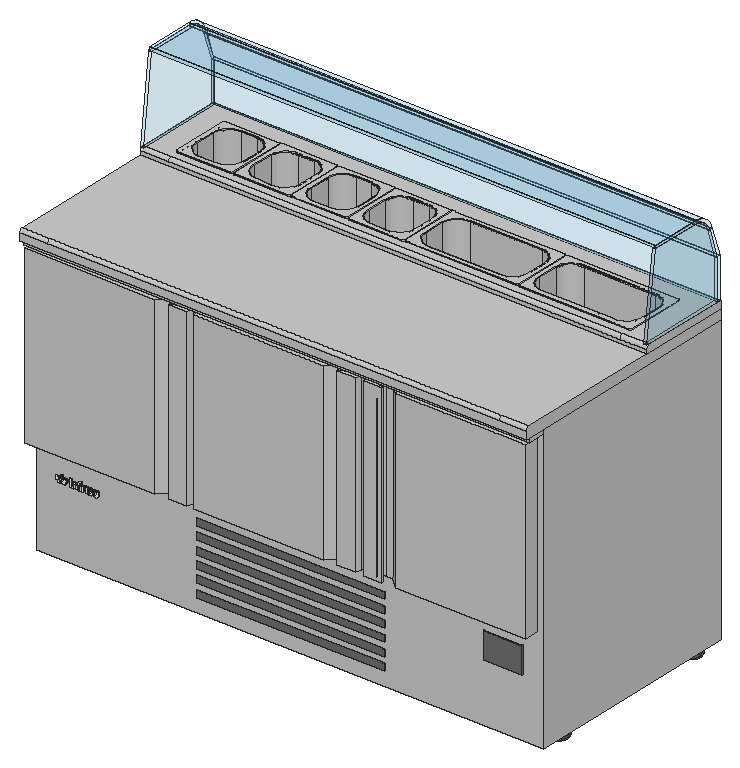
Revit family "QF_INFRICO_ME1003PIZZA_250813100958", category Specialty Equipment, Revit 2021
Family settings
  Round Connector Dimension = Use Diameter
  Part Type = Normal
  OmniClass Number = 23.40.40.14
  OmniClass Title = Food Service Equipment
  Work Plane-Based = No
  Always vertical = Yes
  Cut with Voids When Loaded = No
  Shared = No
  Room Calculation Point = No
Parameters (values of type "ME1003PIZZA-R290")
  Weight [instance] = 194.00 kg
  Waste Water Discharge Temperature [instance] = 0 °C
  Waste Remarks [instance] = ""
  Warranty Start Date [instance] = ""
  Warranty Duration [instance] = ""
  Volts [instance] = 230 V
  Volt Free Conn [instance] = no
  URL Recommended Spares List [instance] = ""
  URL Manufacturer [instance] = ""
  URL Cutsheet [instance] = ""
  URL Critical Spares List [instance] = ""
  URL = "www.infrico.com"
  Technical Documentation [instance] = ""
  Tag Number [instance] = ""
  Status [instance] = ""
  Start Up Current [instance] = 0 A
  Specification by User [instance] = ""
  Specification by Manufacturer [instance] = ""
  Sound Level [instance] = ""
  Show Logo [instance] = yes
  Show Clearances [instance] = yes
  Service Life Duration [instance] = ""
  Serial Number [instance] = ""
  Seismic Rating [instance] = ""
  SMACNA No [instance] = ""
  Revision Code [instance] = ""
  Revision [instance] = ""
  Production Year [instance] = ""
  Potential Equalisation [instance] = no
  Point Load [instance] = 0
  Plumbing Connection Type [instance] = ""
  Phase [instance] = 1
  Other Equipment Approvals [instance] = ""
  Operational Current [instance] = 0 A
  Number of Poles [instance] = 2
  No Load Power Draw [instance] = no
  NAFEM Spec ID Number [instance] = ""
  Model Warning [instance] = ""
  Model = "ME1003PIZZA"
  Min Ckt Ampacity [instance] = 0 A
  Max Overcurrent Protection [instance] = 0 A
  Masterspec [instance] = ""
  Manufacturer = "INFRICO"
  Main switch integrated [instance] = no
  Length Actual [instance] = 1460 mm
  Item Number [instance] = ""
  Installed By [instance] = ""
  Installation Date [instance] = ""
  Indirect Waste Size [instance] = 19.05 mm
  Indirect Waste Remarks [instance] = ""
  Indirect Waste Flow [instance] = 0.0 L/s
  Indirect Waste Connection Type [instance] = ""
  Indirect Waste Connection Height [instance] = 0 mm
  Identify Quantity as Lot [instance] = no
  ID [instance] = ""
  Hygiene Approval [instance] = ""
  Height Actual [instance] = 857 mm
  HP power [instance] = ""
  Furnished By [instance] = ""
  Foodservice Equipment Identifier [instance] = no
  FL Amps [instance] = 0 A
  Electrical Remarks [instance] = ""
  Electric power [instance] = 420 W
  Electric Connection Type [instance] = ""
  Elec Conn RI Height [instance] = 0 mm
  Elec Conn Connection Height [instance] = 0 mm
  ETL Approved [instance] = no
  Direct Waste Water Discharge Temperature [instance] = -273.15 °C
  Direct Waste Size [instance] = 19.05 mm
  Direct Waste RI Height [instance] = 0 mm
  Direct Waste Flow [instance] = 0.0 L/s
  Direct Waste Connection Height [instance] = 0 mm
  Description = "GN1/1 SALAD PREP REFRIGERATOR TABLE 700 SERIES - R290"
  Depth Actual [instance] = 700 mm
  Default Elevation = 0 mm
  Cycle [instance] = 50 Hz
  Cost = 0
  Connection to energy optimisation system [instance] = yes
  Conn Plug [instance] = ""
  Conn Conduit [instance] = no
  Centralized building control system with digital interface [instance] = ""
  CSI MasterFormat [instance] = ""
  CE Approved [instance] = no
  Barcode [instance] = 0
  Author [instance] = ""
  Asset Identifier [instance] = ""
  Apparent Power [instance] = 420 VA
  Accessory [instance] = no
Reference planes
  plane 1 "Center (Front/Back)": y = 0
  plane 2: z = 0
  plane 3 "Center (Left/Right)": x = 0
Forms (mm)
  Extrusion 1, solid, not visible
    sketch origin (487.024, -150.007, 326.016) x (1, 0, 0) y (0, 1, 0)
      loop
        line (-2, 2) -> (-2, -2) -> (2, -2) -> (2, 2) -> (-2, 2)
    from -2 to 2
  Extrusion 2, solid, not visible
    sketch origin (45.002, -152.007, 286.014) x (1, 0, 0) y (0, 1, 0)
      loop
        line (-2, 2) -> (-2, -2) -> (2, -2) -> (2, 2) -> (-2, 2)
    from -2 to 2
Dimensions and locks
  locked: nested 2 to Extrusion 1 at 2  (x2)
  locked: Extrusion 2 to nested 3
  locked: nested 3 to Extrusion 2 at 2
  aligned and locked: level to plane 2
Nested families
  nested 1: "QF_INFRICO_ME1003PIZZA_2920" at (0, 0, 0), type "ME1003PIZZA-R290"
    with Weight 194.00 kg, Warranty Start Date "", Warranty Duration "", URL Cutsheet "", Technical Documentation "", Tag Number "", Status "", Specification by User "", Specification by Manufacturer "", Sound Level "", Solid Fuel Type "", Show Logo yes, Show Clearances yes, Show Clearance yes, Service Life Duration "", Serial Number "", Seismic Rating "", SMACNA No "", Revision Code "", Revision "", Production Year "", Point Load 0, Other Equipment Approvals "", NAFEM Spec ID Number "", Model Warning "", Masterspec "", Length Actual 1460 mm, Item Number "", Installed By "", Installation Date "", Identify Quantity as Lot yes, ID "", Hygiene Approval "", Height Actual 857 mm, Furnished By "", Foodservice Equipment Identifier yes, ETL Approved yes, Depth Actual 700 mm, CSI MasterFormat "", CE Approved no, Barcode "", Author "", Asset Identifier "", Accessory no
  nested 2: "CONN_POINT_DRAIN_2D___Generic_Annotation" at (487.024, -150.007, 324.016), type "CONN_POINT_DRAIN_2D___Generic_Annotation"
    with Onboard connection annotation symbol visibility yes
  nested 3: "CONN_POINT_ELE_2D___Generic_Annotation" at (45.002, -150.007, 286.014), type "CONN_POINT_ELE_2D___Generic_Annotation"
    with Onboard connection annotation symbol visibility yes
  nested 4: "QF_INFRICO_ME_DOOR_SX_4878" at (10, -638, 324), type "ME_DOOR_SX"
    with Weight 0.00 kg, Warranty Start Date "", Warranty Duration "", URL Cutsheet "", Technical Documentation "", Tag Number "", Status "", Specification by User "", Specification by Manufacturer "", Sound Level "", Solid Fuel Type "", Show Logo yes, Show Clearances yes, Show Clearance yes, Service Life Duration "", Serial Number "", Seismic Rating "", SMACNA No "", Revision Code "", Revision "", Production Year "", Point Load 0, Other Equipment Approvals "", NAFEM Spec ID Number "", Model Warning "", Masterspec "", Length Actual 472 mm, Item Number "", Installed By "", Installation Date "", Identify Quantity as Lot yes, ID "", Hygiene Approval "", Height Actual 502 mm, Furnished By "", Foodservice Equipment Identifier yes, ETL Approved yes, Depth Actual 57 mm, CSI MasterFormat "", CE Approved no, Barcode "", Author "", Asset Identifier "", Accessory yes
  nested 5: "QF_INFRICO_ME_DOOR_SX_5656" at (496, -638, 324), type "ME_DOOR_SX"
    with Weight 0.00 kg, Warranty Start Date "", Warranty Duration "", URL Cutsheet "", Technical Documentation "", Tag Number "", Status "", Specification by User "", Specification by Manufacturer "", Sound Level "", Solid Fuel Type "", Show Logo yes, Show Clearances yes, Show Clearance yes, Service Life Duration "", Serial Number "", Seismic Rating "", SMACNA No "", Revision Code "", Revision "", Production Year "", Point Load 0, Other Equipment Approvals "", NAFEM Spec ID Number "", Model Warning "", Masterspec "", Length Actual 472 mm, Item Number "", Installed By "", Installation Date "", Identify Quantity as Lot yes, ID "", Hygiene Approval "", Height Actual 502 mm, Furnished By "", Foodservice Equipment Identifier yes, ETL Approved yes, Depth Actual 57 mm, CSI MasterFormat "", CE Approved no, Barcode "", Author "", Asset Identifier "", Accessory yes
  nested 6: "QF_INFRICO_ME_DOOR_DX_6430" at (982, -638, 324), type "ME_DOOR_DX"
    with Weight 0.00 kg, Warranty Start Date "", Warranty Duration "", URL Cutsheet "", Technical Documentation "", Tag Number "", Status "", Specification by User "", Specification by Manufacturer "", Sound Level "", Solid Fuel Type "", Show Logo yes, Show Clearances yes, Show Clearance yes, Service Life Duration "", Serial Number "", Seismic Rating "", SMACNA No "", Revision Code "", Revision "", Production Year "", Point Load 0, Other Equipment Approvals "", NAFEM Spec ID Number "", Model Warning "", Masterspec "", Length Actual 472 mm, Item Number "", Installed By "", Installation Date "", Identify Quantity as Lot yes, ID "", Hygiene Approval "", Height Actual 502 mm, Furnished By "", Foodservice Equipment Identifier yes, ETL Approved yes, Depth Actual 57 mm, CSI MasterFormat "", CE Approved no, Barcode "", Author "", Asset Identifier "", Accessory yes
Connectors
  piping at (487.024, -150.007, 324.016), diameter 19.05, driven by "Indirect Waste Size", driven by "Direct Waste Flow"
    settings: on Extrusion 1, index 1, connector inside diameter 609.6 mm, connector length 0 mm, flow factor 0, pipe flow 0.0 L/s, pressure drop 0.0 Pa, fitting loss kfactor 0, connector angle 0.00°, fixture units 0, engagement length 0 mm, angle of deflection 0.00°, flow configuration 1, flow direction 2, fitting loss method 0, system type 16, joint type 0, gender type 0, connector reference index -1, connector utility 0, adjustable connector no, is connector primary yes, connector description "Waste connection for ME1003PIZZA"
  electrical at (45.002, -150.007, 286.014), driven by "Apparent Power", driven by "Number of Poles", driven by "Volts"
    settings: on Extrusion 2, index 2, voltage 230 V, apparent load 0 VA, apparent load phase1 420 VA, apparent load phase2 0 VA, apparent load phase3 0 VA, power factor 1, load classification "Other", number of poles 2, system type 31, power factor state 1, is connector primary yes, connector utility no, sub classification motor no, connector description "Electrical connection for ME1003PIZZA"
Definition of nested family "QF_INFRICO_ME1003PIZZA_2920"
  Parameters (values of type "ME1003PIZZA")
    Weight [instance] = 0.00 kg
    Warranty Start Date [instance] = ""
    Warranty Duration [instance] = ""
    URL Cutsheet [instance] = ""
    URL = "www.infrico.com"
    Technical Documentation [instance] = ""
    Tag Number [instance] = ""
    Status [instance] = ""
    Specification by User [instance] = ""
    Specification by Manufacturer [instance] = ""
    Sound Level [instance] = ""
    Solid Fuel Type [instance] = ""
    Show Logo [instance] = yes
    Show Clearances [instance] = yes
    Show Clearance [instance] = yes
    Service Life Duration [instance] = ""
    Serial Number [instance] = ""
    Seismic Rating [instance] = ""
    SMACNA No [instance] = ""
    Revision Code [instance] = ""
    Revision [instance] = ""
    Production Year [instance] = ""
    Point Load [instance] = 0
    Other Equipment Approvals [instance] = ""
    NAFEM Spec ID Number [instance] = ""
    Model Warning [instance] = ""
    Model = "ME1003PIZZA"
    Masterspec [instance] = ""
    Manufacturer = "INFRICO"
    Length Actual [instance] = 0 mm
    Item Number [instance] = ""
    Installed By [instance] = ""
    Installation Date [instance] = ""
    Identify Quantity as Lot [instance] = yes
    ID [instance] = ""
    Hygiene Approval [instance] = ""
    Height Actual [instance] = 0 mm
    Furnished By [instance] = ""
    Foodservice Equipment Identifier [instance] = yes
    ETL Approved [instance] = yes
    Description = "GN1/1 SALAD PREP REFRIGERATOR TABLE 700 SERIES - R134A"
    Depth Actual [instance] = 0 mm
    Default Elevation = 0 mm
    CSI MasterFormat [instance] = ""
    CE Approved [instance] = yes
    Barcode [instance] = ""
    Author [instance] = ""
    Asset Identifier [instance] = ""
    Assembly Code = "E1090320"
    Accessory [instance] = yes
  Types (2, lengths in mm): name | Description
    ME1003PIZZA | "GN1/1 SALAD PREP REFRIGERATOR TABLE 700 SERIES - R134A"
    ME1003PIZZA-R290 | "GN1/1 SALAD PREP REFRIGERATOR TABLE 700 SERIES - R290"
  Reference planes
    plane 1 "Back": y = 0
    plane 2: z = 0
    plane 3 "Left": x = 0
    plane 4 "Right": x = 1460
    plane 5 "Front": y = -700
    plane 6 "Top": z = 844
  Forms (mm)
    Revolve 1, solid
      sketch origin (29, 0.51, 0) x (0, 1, 0) y (0, 0, 1)
        loop
          line (-65.51, 19.01) -> (-65.51, 0) -> (-45.51, 0)
          arc (-45.51, 0) -> (-41.974, 1.464) -> (-40.51, 5) r 5
          line (-40.51, 5) -> (-40.51, 10) -> (-50.51, 10) -> (-50.51, 14.5) -> (-60.51, 14.5) -> (-60.51, 19.01) -> (-65.51, 19.01)
        axis (-65.51, 19.01) -> (-65.51, 0)
      angle from 0 to 360
    Revolve 2, solid
      sketch origin (29, -479.49, 0) x (0, 1, 0) y (0, 0, 1)
        loop
          line (-65.51, 19.01) -> (-65.51, 0) -> (-45.51, 0)
          arc (-45.51, 0) -> (-41.974, 1.464) -> (-40.51, 5) r 5
          line (-40.51, 5) -> (-40.51, 10) -> (-50.51, 10) -> (-50.51, 14.5) -> (-60.51, 14.5) -> (-60.51, 19.01) -> (-65.51, 19.01)
        axis (-65.51, 19.01) -> (-65.51, 0)
      angle from 0 to 360
    Revolve 3, solid
      sketch origin (1431, 0.51, 0) x (0, 1, 0) y (0, 0, 1)
        loop
          line (-65.51, 19.01) -> (-65.51, 0) -> (-45.51, 0)
          arc (-45.51, 0) -> (-41.974, 1.464) -> (-40.51, 5) r 5
          line (-40.51, 5) -> (-40.51, 10) -> (-50.51, 10) -> (-50.51, 14.5) -> (-60.51, 14.5) -> (-60.51, 19.01) -> (-65.51, 19.01)
        axis (-65.51, 19.01) -> (-65.51, 0)
      angle from 0 to 360
    Revolve 4, solid
      sketch origin (1431, -479.49, 0) x (0, 1, 0) y (0, 0, 1)
        loop
          line (-65.51, 19.01) -> (-65.51, 0) -> (-45.51, 0)
          arc (-45.51, 0) -> (-41.974, 1.464) -> (-40.51, 5) r 5
          line (-40.51, 5) -> (-40.51, 10) -> (-50.51, 10) -> (-50.51, 14.5) -> (-60.51, 14.5) -> (-60.51, 19.01) -> (-65.51, 19.01)
        axis (-65.51, 19.01) -> (-65.51, 0)
      angle from 0 to 360
    Extrusion 5, solid
      sketch origin (0, 0, 0) x (0, 1, 0) y (0, 0, 1)
        loop
          line (0, 19.01) -> (0, 49.01) -> (-150, 49.01) -> (-150, 319) -> (0, 319) -> (0, 844) -> (-60.199, 844) -> (-60.199, 739.01) -> (-226.199, 739.01) -> (-226.199, 844) -> (-638, 844) -> (-638, 19.01) -> (0, 19.01)
      from 30 to 1430
    Extrusion 6, solid
      sketch origin (-1759, -636.1, 0) x (1, 0, 0) y (0, 0, 1)
        loop
          line (2220, 263.01) -> (2220, 243.01) -> (2760, 243.01) -> (2760, 263.01) -> (2220, 263.01)
      from 0 to 2
    Extrusion 7, solid
      sketch origin (-1759, -636.1, -37) x (1, 0, 0) y (0, 0, 1)
        loop
          line (2220, 263.01) -> (2220, 243.01) -> (2760, 243.01) -> (2760, 263.01) -> (2220, 263.01)
      from 0 to 2
    Extrusion 8, solid
      sketch origin (-1759, -636.1, -74) x (1, 0, 0) y (0, 0, 1)
        loop
          line (2220, 263.01) -> (2220, 243.01) -> (2760, 243.01) -> (2760, 263.01) -> (2220, 263.01)
      from 0 to 2
    Extrusion 9, solid
      sketch origin (-1759, -636.1, -111) x (1, 0, 0) y (0, 0, 1)
        loop
          line (2220, 263.01) -> (2220, 243.01) -> (2760, 243.01) -> (2760, 263.01) -> (2220, 263.01)
      from 0 to 2
    Extrusion 10, solid
      sketch origin (-1759, -636.1, -148) x (1, 0, 0) y (0, 0, 1)
        loop
          line (2220, 263.01) -> (2220, 243.01) -> (2760, 243.01) -> (2760, 263.01) -> (2220, 263.01)
      from 0 to 2
    Extrusion 11, solid
      sketch origin (-1759, -636.1, -185) x (1, 0, 0) y (0, 0, 1)
        loop
          line (2220, 263.01) -> (2220, 243.01) -> (2760, 243.01) -> (2760, 263.01) -> (2220, 263.01)
      from 0 to 2
    Extrusion 12, solid
      sketch origin (-1518, -638, 0) x (1, 0, 0) y (0, 0, 1)
        loop
          line (2917.81, 187.81) -> (2917.81, 264.21) -> (2806.21, 264.21) -> (2806.21, 187.81) -> (2917.81, 187.81)
      from 0 to 2
    Extrusion 13, solid
      sketch origin (-2000, -1999.98, 0.1) x (0, 1, 0) y (0, 0, 1)
        loop
          line (1312.96, 842.41) -> (1312.96, 829.41) -> (1361.98, 829.41) -> (1361.98, 842.41) -> (1312.96, 842.41)
      from 2002 to 3458
    Extrusion 14, solid
      sketch origin (0, -140, 0) x (1, 0, 0) y (0, 0, 1)
        loop
          circle (45, 286) r 12.7
      from 0 to 10
    Extrusion 15, solid
      sketch origin (0, -140, 0) x (1, 0, 0) y (0, 0, 1)
        loop
          circle (487, 302) r 9.525
      from 0 to 10
    Extrusion 16, solid
      sketch origin (0, 0, 0) x (0, 1, 0) y (0, 0, 1)
        loop
          line (-638, 19.01) -> (0, 19.01) -> (0, 844) -> (-638, 844) -> (-638, 19.01)
      from 0 to 30
    Extrusion 17, solid
      sketch origin (1460, 0, 0) x (0, 1, 0) y (0, 0, -1)
        loop
          line (-638, -19.01) -> (-638, -844) -> (0, -844) -> (0, -19.01) -> (-638, -19.01)
      from 0 to 30
    Extrusion 18, solid, visible <- "Show Logo"
      sketch origin (-1108.443, -638, -480.835) x (1, 0, 0) y (0, 0, 1)
        loop
          line (1208.799, 696.53) -> (1208.799, 719.204) -> (1204.173, 719.204) -> (1204.173, 696.53) -> (1208.799, 696.53)
        loop
          line (1214.779, 713.006) -> (1211.283, 713.006) -> (1211.283, 696.53) -> (1215.772, 696.53) -> (1215.772, 707.832)
          arc (1215.772, 707.832) -> (1217.528, 708.741) -> (1219.417, 709.324) r 11.052
          arc (1219.417, 709.324) -> (1220.929, 708.961) -> (1221.598, 707.557) r 1.806
          line (1221.598, 707.557) -> (1221.598, 696.53) -> (1226.121, 696.53) -> (1226.121, 708.689)
          arc (1226.121, 708.689) -> (1224.637, 712.075) -> (1221.141, 713.281) r 4.607
          arc (1221.141, 713.281) -> (1218.282, 712.674) -> (1215.669, 711.361) r 11.435
          line (1215.669, 711.361) -> (1215.601, 712.184)
          arc (1215.601, 712.184) -> (1215.36, 712.765) -> (1214.779, 713.006) r 0.822
        loop
          line (1238.557, 720.102) -> (1237.306, 720.102)
          arc (1237.306, 720.102) -> (1235.052, 719.926) -> (1232.881, 719.297) r 11.103
          arc (1232.881, 719.297) -> (1230.805, 717.616) -> (1230.024, 715.062) r 4.567
          line (1230.024, 715.062) -> (1230.024, 712.909) -> (1227.351, 712.703) -> (1227.351, 709.374) -> (1230.024, 709.374) -> (1230.024, 696.53) -> (1234.547, 696.53) -> (1234.547, 709.374) -> (1238.249, 709.374) -> (1238.249, 712.938) -> (1234.547, 712.938) -> (1234.547, 714.548)
          arc (1234.547, 714.548) -> (1234.956, 715.705) -> (1236.045, 716.271) r 1.67
          line (1236.045, 716.271) -> (1237.7, 716.399)
          arc (1237.7, 716.399) -> (1238.306, 716.65) -> (1238.557, 717.255) r 0.857
          line (1238.557, 717.255) -> (1238.557, 720.102)
        loop
          line (1239.479, 713.006) -> (1239.479, 696.53) -> (1243.968, 696.53) -> (1243.968, 707.352)
          arc (1243.968, 707.352) -> (1245.873, 708.631) -> (1248.077, 709.268) r 7.435
          line (1248.077, 709.268) -> (1249.241, 709.416)
          arc (1249.241, 709.416) -> (1249.643, 709.758) -> (1249.793, 710.265) r 0.928
          line (1249.793, 710.265) -> (1249.793, 712.458)
          arc (1249.793, 712.458) -> (1249.531, 713.061) -> (1248.912, 713.28) r 0.824
          arc (1248.912, 713.28) -> (1246.197, 712.588) -> (1243.899, 710.984) r 7.833
          line (1243.899, 710.984) -> (1243.726, 713.006) -> (1239.479, 713.006)
        loop
          line (1255.495, 696.53) -> (1255.495, 713.006) -> (1251.006, 713.006) -> (1251.006, 696.53) -> (1255.495, 696.53)
        loop
          arc (1257.421, 701.327) -> (1258.567, 698.188) -> (1261.466, 696.525) r 4.873
          arc (1261.466, 696.525) -> (1264.493, 696.266) -> (1267.521, 696.525) r 17.816
          arc (1267.521, 696.525) -> (1270.575, 699.134) -> (1271.505, 703.041) r 6.481
          line (1271.505, 703.041) -> (1267.187, 703.041) -> (1267.187, 701.67)
          arc (1267.187, 701.67) -> (1266.64, 700.452) -> (1265.442, 699.865) r 1.965
          arc (1265.442, 699.865) -> (1264.547, 699.816) -> (1263.653, 699.865) r 8.196
          arc (1263.653, 699.865) -> (1262.417, 700.415) -> (1261.91, 701.67) r 1.806
          line (1261.91, 701.67) -> (1261.91, 707.9)
          arc (1261.91, 707.9) -> (1262.417, 709.155) -> (1263.653, 709.705) r 1.806
          arc (1263.653, 709.705) -> (1264.547, 709.754) -> (1265.442, 709.705) r 8.196
          arc (1265.442, 709.705) -> (1266.64, 709.118) -> (1267.187, 707.9) r 1.965
          line (1267.187, 707.9) -> (1267.187, 706.838) -> (1271.505, 706.838)
          arc (1271.505, 706.838) -> (1270.524, 710.556) -> (1267.521, 712.959) r 6.132
          arc (1267.521, 712.959) -> (1264.493, 713.294) -> (1261.466, 712.959) r 13.851
          arc (1261.466, 712.959) -> (1258.571, 711.349) -> (1257.421, 708.243) r 4.772
          line (1257.421, 708.243) -> (1257.421, 701.327)
        loop
          arc (1272.916, 701.329) -> (1273.993, 698.345) -> (1276.726, 696.734) r 4.676
          arc (1276.726, 696.734) -> (1278.515, 696.455) -> (1280.318, 696.291) r 28.371
          arc (1280.318, 696.291) -> (1282.122, 696.455) -> (1283.911, 696.734) r 28.371
          arc (1283.911, 696.734) -> (1286.644, 698.345) -> (1287.72, 701.329) r 4.676
          line (1287.72, 701.329) -> (1287.72, 708.242)
          arc (1287.72, 708.242) -> (1286.644, 711.226) -> (1283.911, 712.837) r 4.676
          arc (1283.911, 712.837) -> (1282.122, 713.116) -> (1280.318, 713.28) r 28.371
          arc (1280.318, 713.28) -> (1278.515, 713.116) -> (1276.726, 712.837) r 28.371
          arc (1276.726, 712.837) -> (1273.993, 711.226) -> (1272.916, 708.242) r 4.676
          line (1272.916, 708.242) -> (1272.916, 701.329)
        loop
          line (1277.405, 707.866) -> (1277.405, 701.705)
          arc (1277.405, 701.705) -> (1277.844, 700.556) -> (1278.936, 699.991) r 1.725
          arc (1278.936, 699.991) -> (1279.627, 699.918) -> (1280.318, 699.856) r 46.133
          arc (1280.318, 699.856) -> (1281.01, 699.918) -> (1281.701, 699.991) r 46.133
          arc (1281.701, 699.991) -> (1282.793, 700.556) -> (1283.231, 701.705) r 1.725
          line (1283.231, 701.705) -> (1283.231, 707.866)
          arc (1283.231, 707.866) -> (1282.793, 709.015) -> (1281.701, 709.58) r 1.725
          arc (1281.701, 709.58) -> (1281.01, 709.653) -> (1280.318, 709.716) r 46.133
          arc (1280.318, 709.716) -> (1279.627, 709.653) -> (1278.936, 709.58) r 46.133
          arc (1278.936, 709.58) -> (1277.844, 709.015) -> (1277.405, 707.866) r 1.725
        loop
          arc (1190.339, 696.543) -> (1191.411, 696.987) -> (1191.856, 698.059) r 1.516
          line (1191.856, 698.059) -> (1191.856, 703.891) -> (1196.035, 703.891)
          arc (1196.035, 703.891) -> (1196.79, 704.121) -> (1197.218, 704.782) r 1.147
          line (1197.218, 704.782) -> (1197.218, 706.211)
          arc (1197.218, 706.211) -> (1196.787, 707.258) -> (1195.719, 707.634) r 1.385
          line (1195.719, 707.634) -> (1194.52, 707.634) -> (1197.218, 710.332)
          arc (1197.218, 710.332) -> (1197.605, 711.266) -> (1197.218, 712.2) r 1.321
          line (1197.218, 712.2) -> (1196.495, 712.923)
          arc (1196.495, 712.923) -> (1195.54, 713.338) -> (1194.558, 712.991) r 1.422
          line (1194.558, 712.991) -> (1191.853, 710.286) -> (1191.853, 711.479)
          arc (1191.853, 711.479) -> (1191.443, 712.516) -> (1190.435, 712.992) r 1.516
          line (1190.435, 712.992) -> (1189.514, 712.992)
          arc (1189.514, 712.992) -> (1188.511, 712.514) -> (1188.103, 711.479) r 1.516
          line (1188.103, 711.479) -> (1188.103, 706.83) -> (1182.073, 701.336) -> (1182.073, 707.509) -> (1185.639, 711.075)
          arc (1185.639, 711.075) -> (1186.053, 712.073) -> (1185.639, 713.071) r 1.412
          line (1185.639, 713.071) -> (1184.987, 713.723)
          arc (1184.987, 713.723) -> (1183.939, 714.141) -> (1182.915, 713.667) r 1.428
          line (1182.915, 713.667) -> (1182.073, 712.825) -> (1182.073, 717.784)
          arc (1182.073, 717.784) -> (1181.658, 718.787) -> (1180.655, 719.203) r 1.418
          line (1180.655, 719.203) -> (1179.726, 719.203)
          arc (1179.726, 719.203) -> (1178.723, 718.787) -> (1178.308, 717.784) r 1.418
          line (1178.308, 717.784) -> (1178.308, 712.825) -> (1177.466, 713.667)
          arc (1177.466, 713.667) -> (1176.442, 714.141) -> (1175.394, 713.723) r 1.428
          line (1175.394, 713.723) -> (1174.742, 713.071)
          arc (1174.742, 713.071) -> (1174.328, 712.073) -> (1174.742, 711.075) r 1.412
          line (1174.742, 711.075) -> (1178.308, 707.509) -> (1178.308, 701.336) -> (1172.278, 706.83) -> (1172.278, 711.479)
          arc (1172.278, 711.479) -> (1171.87, 712.514) -> (1170.867, 712.992) r 1.516
          line (1170.867, 712.992) -> (1169.946, 712.992)
          arc (1169.946, 712.992) -> (1168.938, 712.516) -> (1168.528, 711.479) r 1.516
          line (1168.528, 711.479) -> (1168.528, 710.286) -> (1165.823, 712.991)
          arc (1165.823, 712.991) -> (1164.841, 713.338) -> (1163.886, 712.923) r 1.422
          line (1163.886, 712.923) -> (1163.163, 712.2)
          arc (1163.163, 712.2) -> (1162.776, 711.266) -> (1163.163, 710.332) r 1.321
          line (1163.163, 710.332) -> (1165.861, 707.634) -> (1164.662, 707.634)
          arc (1164.662, 707.634) -> (1163.594, 707.258) -> (1163.163, 706.211) r 1.385
          line (1163.163, 706.211) -> (1163.163, 704.782)
          arc (1163.163, 704.782) -> (1163.591, 704.121) -> (1164.346, 703.891) r 1.147
          line (1164.346, 703.891) -> (1168.525, 703.891) -> (1168.525, 698.059)
          arc (1168.525, 698.059) -> (1168.969, 696.987) -> (1170.042, 696.543) r 1.516
          line (1170.042, 696.543) -> (1190.339, 696.543)
      from 0 to 2
    Extrusion 19, solid
      sketch origin (0, -3992.745, 104.6) x (0, 1, 0) y (0, 0, 1)
        loop
          line (3757.968, 1026.23) -> (3727.745, 789.4) -> (3983.745, 789.4) -> (3983.745, 904.633) -> (3956.063, 985.628)
          arc (3956.063, 985.628) -> (3935.49, 1014.966) -> (3901.473, 1026.23) r 57
          line (3901.473, 1026.23) -> (3757.968, 1026.23)
      from 0 to 9
    Extrusion 20, solid
      sketch origin (1451, -1990.849, 104.6) x (0, 1, 0) y (0, 0, 1)
        loop
          line (1981.849, 789.4) -> (1981.849, 904.633) -> (1954.167, 985.628)
          arc (1954.167, 985.628) -> (1933.593, 1014.966) -> (1899.576, 1026.23) r 57
          line (1899.576, 1026.23) -> (1756.072, 1026.23) -> (1725.849, 789.4) -> (1981.849, 789.4)
      from 0 to 9
    Extrusion 21, solid
      sketch origin (0, 9.151, 104.6) x (0, 1, 0) y (0, 0, 1)
        loop
          line (-9.151, 789.4) -> (-9.151, 906.128) -> (-37.265, 988.385)
          arc (-37.265, 988.385) -> (-61.106, 1022.24) -> (-100.424, 1035.23) r 66
          line (-100.424, 1035.23) -> (-242.792, 1035.23) -> (-243.941, 1026.23) -> (-100.424, 1026.23)
          arc (-100.424, 1026.23) -> (-66.407, 1014.966) -> (-45.833, 985.628) r 57
          line (-45.833, 985.628) -> (-18.151, 904.633) -> (-18.151, 789.4) -> (-9.151, 789.4)
      from 0 to 1460
    Sweep 22, solid
      path origin (21.029, 253.592, 999.504) x (1, 0, 0) y (0, 1, 0)
        loop
          line (62.971, -366.791) -> (62.971, -426.791)
          arc (62.971, -426.791) -> (77.03, -460.732) -> (110.971, -474.791) r 48
          line (110.971, -474.791) -> (156.971, -474.791)
          arc (156.971, -474.791) -> (190.912, -460.732) -> (204.971, -426.791) r 48
          line (204.971, -426.791) -> (204.971, -366.791)
          arc (204.971, -366.791) -> (190.912, -332.85) -> (156.971, -318.791) r 48
          line (156.971, -318.791) -> (110.971, -318.791)
          arc (110.971, -318.791) -> (77.03, -332.85) -> (62.971, -366.791) r 48
      profile origin (84, -143.199, 999.504) x (1, 0, 0) y (0, 0, 1)
        loop
          line (12.801, -252.7) -> (12.801, -250.7)
          arc (12.801, -250.7) -> (6.436, -248.064) -> (3.8, -241.699) r 9.001
          line (3.8, -241.699) -> (3.8, -105.504) -> (1.8, -105.504) -> (1.8, -241.699)
          arc (1.8, -241.699) -> (5.022, -249.478) -> (12.801, -252.7) r 11.001
    Extrusion 23, solid
      sketch origin (21.029, 253.592, 746.804) x (1, 0, 0) y (0, 1, 0)
        loop
          line (75.772, -366.791) -> (75.772, -426.791)
          arc (75.772, -426.791) -> (86.081, -451.68) -> (110.971, -461.99) r 35.199
          line (110.971, -461.99) -> (156.971, -461.99)
          arc (156.971, -461.99) -> (181.86, -451.68) -> (192.17, -426.791) r 35.199
          line (192.17, -426.791) -> (192.17, -366.791)
          arc (192.17, -366.791) -> (181.86, -341.901) -> (156.971, -331.592) r 35.199
          line (156.971, -331.592) -> (110.971, -331.592)
          arc (110.971, -331.592) -> (86.081, -341.901) -> (75.772, -366.791) r 35.199
      from 0 to 2
    Extrusion 24, solid
      sketch origin (-1295.941, -3236.444, 894) x (1, 0, 0) y (0, 1, 0)
        loop
          arc (1374.941, 3181.245) -> (1371.405, 3179.781) -> (1369.941, 3176.245) r 5
          line (1369.941, 3176.245) -> (1369.941, 3010.245)
          arc (1369.941, 3010.245) -> (1371.405, 3006.71) -> (1374.941, 3005.245) r 5
          line (1374.941, 3005.245) -> (1526.941, 3005.245)
          arc (1526.941, 3005.245) -> (1530.476, 3006.71) -> (1531.941, 3010.245) r 5
          line (1531.941, 3010.245) -> (1531.941, 3176.245)
          arc (1531.941, 3176.245) -> (1530.476, 3179.781) -> (1526.941, 3181.245) r 5
          line (1526.941, 3181.245) -> (1374.941, 3181.245)
        loop
          arc (1427.941, 3169.445) -> (1395.272, 3155.914) -> (1381.741, 3123.245) r 46.2
          line (1381.741, 3123.245) -> (1381.741, 3063.245)
          arc (1381.741, 3063.245) -> (1395.272, 3030.577) -> (1427.941, 3017.045) r 46.2
          line (1427.941, 3017.045) -> (1473.941, 3017.045)
          arc (1473.941, 3017.045) -> (1506.609, 3030.577) -> (1520.141, 3063.245) r 46.2
          line (1520.141, 3063.245) -> (1520.141, 3123.245)
          arc (1520.141, 3123.245) -> (1506.609, 3155.914) -> (1473.941, 3169.445) r 46.2
          line (1473.941, 3169.445) -> (1427.941, 3169.445)
      from 0 to 2
    Sweep 25, solid
      path origin (681.029, 253.592, 999.504) x (1, 0, 0) y (0, 1, 0)
        loop
          line (62.971, -366.791) -> (62.971, -426.791)
          arc (62.971, -426.791) -> (77.03, -460.732) -> (110.971, -474.791) r 48
          line (110.971, -474.791) -> (317.671, -474.791)
          arc (317.671, -474.791) -> (351.612, -460.732) -> (365.671, -426.791) r 48
          line (365.671, -426.791) -> (365.671, -366.791)
          arc (365.671, -366.791) -> (351.612, -332.85) -> (317.671, -318.791) r 48
          line (317.671, -318.791) -> (110.971, -318.791)
          arc (110.971, -318.791) -> (77.03, -332.85) -> (62.971, -366.791) r 48
      profile origin (744, -143.199, 999.504) x (1, 0, 0) y (0, 0, 1)
        loop
          line (12.801, -252.7) -> (12.801, -250.7)
          arc (12.801, -250.7) -> (6.436, -248.064) -> (3.8, -241.699) r 9.001
          line (3.8, -241.699) -> (3.8, -105.504) -> (1.8, -105.504) -> (1.8, -241.699)
          arc (1.8, -241.699) -> (5.022, -249.478) -> (12.801, -252.7) r 11.001
    Extrusion 26, solid
      sketch origin (681.029, 253.592, 746.804) x (1, 0, 0) y (0, 1, 0)
        loop
          line (75.772, -366.791) -> (75.772, -426.791)
          arc (75.772, -426.791) -> (86.081, -451.68) -> (110.971, -461.99) r 35.199
          line (110.971, -461.99) -> (317.671, -461.99)
          arc (317.671, -461.99) -> (342.56, -451.68) -> (352.87, -426.791) r 35.199
          line (352.87, -426.791) -> (352.87, -366.791)
          arc (352.87, -366.791) -> (342.56, -341.901) -> (317.671, -331.592) r 35.199
          line (317.671, -331.592) -> (110.971, -331.592)
          arc (110.971, -331.592) -> (86.081, -341.901) -> (75.772, -366.791) r 35.199
      from 0 to 2
    Extrusion 27, solid
      sketch origin (-635.941, -3236.444, 894) x (1, 0, 0) y (0, 1, 0)
        loop
          arc (1374.941, 3181.245) -> (1371.405, 3179.781) -> (1369.941, 3176.245) r 5
          line (1369.941, 3176.245) -> (1369.941, 3010.245)
          arc (1369.941, 3010.245) -> (1371.405, 3006.71) -> (1374.941, 3005.245) r 5
          line (1374.941, 3005.245) -> (1689.441, 3005.245)
          arc (1689.441, 3005.245) -> (1692.976, 3006.71) -> (1694.441, 3010.245) r 5
          line (1694.441, 3010.245) -> (1694.441, 3176.245)
          arc (1694.441, 3176.245) -> (1692.976, 3179.781) -> (1689.441, 3181.245) r 5
          line (1689.441, 3181.245) -> (1374.941, 3181.245)
        loop
          arc (1427.941, 3169.445) -> (1395.272, 3155.914) -> (1381.741, 3123.245) r 46.2
          line (1381.741, 3123.245) -> (1381.741, 3063.245)
          arc (1381.741, 3063.245) -> (1395.272, 3030.577) -> (1427.941, 3017.045) r 46.2
          line (1427.941, 3017.045) -> (1634.641, 3017.045)
          arc (1634.641, 3017.045) -> (1667.309, 3030.577) -> (1680.841, 3063.245) r 46.2
          line (1680.841, 3063.245) -> (1680.841, 3123.245)
          arc (1680.841, 3123.245) -> (1667.309, 3155.914) -> (1634.641, 3169.445) r 46.2
          line (1634.641, 3169.445) -> (1427.941, 3169.445)
      from 0 to 2
    Extrusion 28, solid
      sketch origin (0, -2000, 0) x (0, 1, 0) y (0, 0, 1)
        loop
          line (1300, 844) -> (1773.801, 844) -> (1773.801, 874) -> (1310, 874)
          arc (1310, 874) -> (1302.929, 871.071) -> (1300, 864) r 10
          line (1300, 864) -> (1300, 844)
        loop
          line (2000, 844) -> (2000, 874) -> (1939.801, 874) -> (1939.801, 844) -> (2000, 844)
      from 81.2 to 1382.7
    Sweep 29, solid
      path origin (186.029, 253.592, 999.504) x (1, 0, 0) y (0, 1, 0)
        loop
          line (62.971, -366.791) -> (62.971, -426.791)
          arc (62.971, -426.791) -> (77.03, -460.732) -> (110.971, -474.791) r 48
          line (110.971, -474.791) -> (156.971, -474.791)
          arc (156.971, -474.791) -> (190.912, -460.732) -> (204.971, -426.791) r 48
          line (204.971, -426.791) -> (204.971, -366.791)
          arc (204.971, -366.791) -> (190.912, -332.85) -> (156.971, -318.791) r 48
          line (156.971, -318.791) -> (110.971, -318.791)
          arc (110.971, -318.791) -> (77.03, -332.85) -> (62.971, -366.791) r 48
      profile origin (249, -143.199, 999.504) x (1, 0, 0) y (0, 0, 1)
        loop
          line (12.801, -252.7) -> (12.801, -250.7)
          arc (12.801, -250.7) -> (6.436, -248.064) -> (3.8, -241.699) r 9.001
          line (3.8, -241.699) -> (3.8, -105.504) -> (1.8, -105.504) -> (1.8, -241.699)
          arc (1.8, -241.699) -> (5.022, -249.478) -> (12.801, -252.7) r 11.001
    Extrusion 30, solid
      sketch origin (186.029, 253.592, 746.804) x (1, 0, 0) y (0, 1, 0)
        loop
          line (75.772, -366.791) -> (75.772, -426.791)
          arc (75.772, -426.791) -> (86.081, -451.68) -> (110.971, -461.99) r 35.199
          line (110.971, -461.99) -> (156.971, -461.99)
          arc (156.971, -461.99) -> (181.86, -451.68) -> (192.17, -426.791) r 35.199
          line (192.17, -426.791) -> (192.17, -366.791)
          arc (192.17, -366.791) -> (181.86, -341.901) -> (156.971, -331.592) r 35.199
          line (156.971, -331.592) -> (110.971, -331.592)
          arc (110.971, -331.592) -> (86.081, -341.901) -> (75.772, -366.791) r 35.199
      from 0 to 2
    Extrusion 31, solid
      sketch origin (-1130.941, -3236.444, 894) x (1, 0, 0) y (0, 1, 0)
        loop
          arc (1374.941, 3181.245) -> (1371.405, 3179.781) -> (1369.941, 3176.245) r 5
          line (1369.941, 3176.245) -> (1369.941, 3010.245)
          arc (1369.941, 3010.245) -> (1371.405, 3006.71) -> (1374.941, 3005.245) r 5
          line (1374.941, 3005.245) -> (1526.941, 3005.245)
          arc (1526.941, 3005.245) -> (1530.476, 3006.71) -> (1531.941, 3010.245) r 5
          line (1531.941, 3010.245) -> (1531.941, 3176.245)
          arc (1531.941, 3176.245) -> (1530.476, 3179.781) -> (1526.941, 3181.245) r 5
          line (1526.941, 3181.245) -> (1374.941, 3181.245)
        loop
          arc (1427.941, 3169.445) -> (1395.272, 3155.914) -> (1381.741, 3123.245) r 46.2
          line (1381.741, 3123.245) -> (1381.741, 3063.245)
          arc (1381.741, 3063.245) -> (1395.272, 3030.577) -> (1427.941, 3017.045) r 46.2
          line (1427.941, 3017.045) -> (1473.941, 3017.045)
          arc (1473.941, 3017.045) -> (1506.609, 3030.577) -> (1520.141, 3063.245) r 46.2
          line (1520.141, 3063.245) -> (1520.141, 3123.245)
          arc (1520.141, 3123.245) -> (1506.609, 3155.914) -> (1473.941, 3169.445) r 46.2
          line (1473.941, 3169.445) -> (1427.941, 3169.445)
      from 0 to 2
    Sweep 32, solid
      path origin (351.029, 253.592, 999.504) x (1, 0, 0) y (0, 1, 0)
        loop
          line (62.971, -366.791) -> (62.971, -426.791)
          arc (62.971, -426.791) -> (77.03, -460.732) -> (110.971, -474.791) r 48
          line (110.971, -474.791) -> (156.971, -474.791)
          arc (156.971, -474.791) -> (190.912, -460.732) -> (204.971, -426.791) r 48
          line (204.971, -426.791) -> (204.971, -366.791)
          arc (204.971, -366.791) -> (190.912, -332.85) -> (156.971, -318.791) r 48
          line (156.971, -318.791) -> (110.971, -318.791)
          arc (110.971, -318.791) -> (77.03, -332.85) -> (62.971, -366.791) r 48
      profile origin (414, -143.199, 999.504) x (1, 0, 0) y (0, 0, 1)
        loop
          line (12.801, -252.7) -> (12.801, -250.7)
          arc (12.801, -250.7) -> (6.436, -248.064) -> (3.8, -241.699) r 9.001
          line (3.8, -241.699) -> (3.8, -105.504) -> (1.8, -105.504) -> (1.8, -241.699)
          arc (1.8, -241.699) -> (5.022, -249.478) -> (12.801, -252.7) r 11.001
    Extrusion 33, solid
      sketch origin (351.029, 253.592, 746.804) x (1, 0, 0) y (0, 1, 0)
        loop
          line (75.772, -366.791) -> (75.772, -426.791)
          arc (75.772, -426.791) -> (86.081, -451.68) -> (110.971, -461.99) r 35.199
          line (110.971, -461.99) -> (156.971, -461.99)
          arc (156.971, -461.99) -> (181.86, -451.68) -> (192.17, -426.791) r 35.199
          line (192.17, -426.791) -> (192.17, -366.791)
          arc (192.17, -366.791) -> (181.86, -341.901) -> (156.971, -331.592) r 35.199
          line (156.971, -331.592) -> (110.971, -331.592)
          arc (110.971, -331.592) -> (86.081, -341.901) -> (75.772, -366.791) r 35.199
      from 0 to 2
    Extrusion 34, solid
      sketch origin (-965.941, -3236.444, 894) x (1, 0, 0) y (0, 1, 0)
        loop
          arc (1374.941, 3181.245) -> (1371.405, 3179.781) -> (1369.941, 3176.245) r 5
          line (1369.941, 3176.245) -> (1369.941, 3010.245)
          arc (1369.941, 3010.245) -> (1371.405, 3006.71) -> (1374.941, 3005.245) r 5
          line (1374.941, 3005.245) -> (1526.941, 3005.245)
          arc (1526.941, 3005.245) -> (1530.476, 3006.71) -> (1531.941, 3010.245) r 5
          line (1531.941, 3010.245) -> (1531.941, 3176.245)
          arc (1531.941, 3176.245) -> (1530.476, 3179.781) -> (1526.941, 3181.245) r 5
          line (1526.941, 3181.245) -> (1374.941, 3181.245)
        loop
          arc (1427.941, 3169.445) -> (1395.272, 3155.914) -> (1381.741, 3123.245) r 46.2
          line (1381.741, 3123.245) -> (1381.741, 3063.245)
          arc (1381.741, 3063.245) -> (1395.272, 3030.577) -> (1427.941, 3017.045) r 46.2
          line (1427.941, 3017.045) -> (1473.941, 3017.045)
          arc (1473.941, 3017.045) -> (1506.609, 3030.577) -> (1520.141, 3063.245) r 46.2
          line (1520.141, 3063.245) -> (1520.141, 3123.245)
          arc (1520.141, 3123.245) -> (1506.609, 3155.914) -> (1473.941, 3169.445) r 46.2
          line (1473.941, 3169.445) -> (1427.941, 3169.445)
      from 0 to 2
    Extrusion 35, solid
      sketch origin (0, 0, 0) x (0, 1, 0) y (0, 0, 1)
        loop
          line (0, 874) -> (0, 894) -> (-60.199, 894) -> (-60.199, 874) -> (0, 874)
        loop
          line (-265, 874) -> (-226.199, 874) -> (-226.199, 894) -> (-255, 894)
          arc (-255, 894) -> (-262.071, 891.071) -> (-265, 884) r 10
          line (-265, 884) -> (-265, 874)
      from 81.2 to 1382.7
    Extrusion 36, solid
      sketch origin (0, 0, 0) x (0, 1, 0) y (0, 0, 1)
        loop
          arc (-255, 894) -> (-262.071, 891.071) -> (-265, 884) r 10
          line (-265, 884) -> (-265, 874) -> (0, 874) -> (0, 894) -> (-255, 894)
      from 0 to 81.2
    Extrusion 37, solid
      sketch origin (1378.8, 0, 0) x (0, 1, 0) y (0, 0, 1)
        loop
          arc (-255, 894) -> (-262.071, 891.071) -> (-265, 884) r 10
          line (-265, 884) -> (-265, 874) -> (0, 874) -> (0, 894) -> (-255, 894)
      from 3.9 to 81.2
    Extrusion 38, solid
      sketch origin (0, 0, 0) x (0, 1, 0) y (0, 0, 1)
        loop
          line (0, 844) -> (0, 874) -> (-690, 874)
          arc (-690, 874) -> (-697.071, 871.071) -> (-700, 864) r 10
          line (-700, 864) -> (-700, 844) -> (0, 844)
      from 0 to 81.2
    Extrusion 39, solid
      sketch origin (1378.8, 0, 0) x (0, 1, 0) y (0, 0, 1)
        loop
          line (0, 844) -> (0, 874) -> (-690, 874)
          arc (-690, 874) -> (-697.071, 871.071) -> (-700, 864) r 10
          line (-700, 864) -> (-700, 844) -> (0, 844)
      from 3.9 to 81.2
    Sweep 40, solid
      path origin (516.029, 253.592, 999.504) x (1, 0, 0) y (0, 1, 0)
        loop
          line (62.971, -366.791) -> (62.971, -426.791)
          arc (62.971, -426.791) -> (77.03, -460.732) -> (110.971, -474.791) r 48
          line (110.971, -474.791) -> (156.971, -474.791)
          arc (156.971, -474.791) -> (190.912, -460.732) -> (204.971, -426.791) r 48
          line (204.971, -426.791) -> (204.971, -366.791)
          arc (204.971, -366.791) -> (190.912, -332.85) -> (156.971, -318.791) r 48
          line (156.971, -318.791) -> (110.971, -318.791)
          arc (110.971, -318.791) -> (77.03, -332.85) -> (62.971, -366.791) r 48
      profile origin (579, -143.199, 999.504) x (1, 0, 0) y (0, 0, 1)
        loop
          line (12.801, -252.7) -> (12.801, -250.7)
          arc (12.801, -250.7) -> (6.436, -248.064) -> (3.8, -241.699) r 9.001
          line (3.8, -241.699) -> (3.8, -105.504) -> (1.8, -105.504) -> (1.8, -241.699)
          arc (1.8, -241.699) -> (5.022, -249.478) -> (12.801, -252.7) r 11.001
    Extrusion 41, solid
      sketch origin (516.029, 253.592, 746.804) x (1, 0, 0) y (0, 1, 0)
        loop
          line (75.772, -366.791) -> (75.772, -426.791)
          arc (75.772, -426.791) -> (86.081, -451.68) -> (110.971, -461.99) r 35.199
          line (110.971, -461.99) -> (156.971, -461.99)
          arc (156.971, -461.99) -> (181.86, -451.68) -> (192.17, -426.791) r 35.199
          line (192.17, -426.791) -> (192.17, -366.791)
          arc (192.17, -366.791) -> (181.86, -341.901) -> (156.971, -331.592) r 35.199
          line (156.971, -331.592) -> (110.971, -331.592)
          arc (110.971, -331.592) -> (86.081, -341.901) -> (75.772, -366.791) r 35.199
      from 0 to 2
    Extrusion 42, solid
      sketch origin (-800.941, -3236.444, 894) x (1, 0, 0) y (0, 1, 0)
        loop
          arc (1374.941, 3181.245) -> (1371.405, 3179.781) -> (1369.941, 3176.245) r 5
          line (1369.941, 3176.245) -> (1369.941, 3010.245)
          arc (1369.941, 3010.245) -> (1371.405, 3006.71) -> (1374.941, 3005.245) r 5
          line (1374.941, 3005.245) -> (1526.941, 3005.245)
          arc (1526.941, 3005.245) -> (1530.476, 3006.71) -> (1531.941, 3010.245) r 5
          line (1531.941, 3010.245) -> (1531.941, 3176.245)
          arc (1531.941, 3176.245) -> (1530.476, 3179.781) -> (1526.941, 3181.245) r 5
          line (1526.941, 3181.245) -> (1374.941, 3181.245)
        loop
          arc (1427.941, 3169.445) -> (1395.272, 3155.914) -> (1381.741, 3123.245) r 46.2
          line (1381.741, 3123.245) -> (1381.741, 3063.245)
          arc (1381.741, 3063.245) -> (1395.272, 3030.577) -> (1427.941, 3017.045) r 46.2
          line (1427.941, 3017.045) -> (1473.941, 3017.045)
          arc (1473.941, 3017.045) -> (1506.609, 3030.577) -> (1520.141, 3063.245) r 46.2
          line (1520.141, 3063.245) -> (1520.141, 3123.245)
          arc (1520.141, 3123.245) -> (1506.609, 3155.914) -> (1473.941, 3169.445) r 46.2
          line (1473.941, 3169.445) -> (1427.941, 3169.445)
      from 0 to 2
    Sweep 43, solid
      path origin (1008.529, 253.592, 999.504) x (1, 0, 0) y (0, 1, 0)
        loop
          line (62.971, -366.791) -> (62.971, -426.791)
          arc (62.971, -426.791) -> (77.03, -460.732) -> (110.971, -474.791) r 48
          line (110.971, -474.791) -> (317.671, -474.791)
          arc (317.671, -474.791) -> (351.612, -460.732) -> (365.671, -426.791) r 48
          line (365.671, -426.791) -> (365.671, -366.791)
          arc (365.671, -366.791) -> (351.612, -332.85) -> (317.671, -318.791) r 48
          line (317.671, -318.791) -> (110.971, -318.791)
          arc (110.971, -318.791) -> (77.03, -332.85) -> (62.971, -366.791) r 48
      profile origin (1071.5, -143.199, 999.504) x (1, 0, 0) y (0, 0, 1)
        loop
          line (12.801, -252.7) -> (12.801, -250.7)
          arc (12.801, -250.7) -> (6.436, -248.064) -> (3.8, -241.699) r 9.001
          line (3.8, -241.699) -> (3.8, -105.504) -> (1.8, -105.504) -> (1.8, -241.699)
          arc (1.8, -241.699) -> (5.022, -249.478) -> (12.801, -252.7) r 11.001
    Extrusion 44, solid
      sketch origin (1008.529, 253.592, 746.804) x (1, 0, 0) y (0, 1, 0)
        loop
          line (75.772, -366.791) -> (75.772, -426.791)
          arc (75.772, -426.791) -> (86.081, -451.68) -> (110.971, -461.99) r 35.199
          line (110.971, -461.99) -> (317.671, -461.99)
          arc (317.671, -461.99) -> (342.56, -451.68) -> (352.87, -426.791) r 35.199
          line (352.87, -426.791) -> (352.87, -366.791)
          arc (352.87, -366.791) -> (342.56, -341.901) -> (317.671, -331.592) r 35.199
          line (317.671, -331.592) -> (110.971, -331.592)
          arc (110.971, -331.592) -> (86.081, -341.901) -> (75.772, -366.791) r 35.199
      from 0 to 2
    Extrusion 45, solid
      sketch origin (-308.441, -3236.444, 894) x (1, 0, 0) y (0, 1, 0)
        loop
          arc (1374.941, 3181.245) -> (1371.405, 3179.781) -> (1369.941, 3176.245) r 5
          line (1369.941, 3176.245) -> (1369.941, 3010.245)
          arc (1369.941, 3010.245) -> (1371.405, 3006.71) -> (1374.941, 3005.245) r 5
          line (1374.941, 3005.245) -> (1689.441, 3005.245)
          arc (1689.441, 3005.245) -> (1692.976, 3006.71) -> (1694.441, 3010.245) r 5
          line (1694.441, 3010.245) -> (1694.441, 3176.245)
          arc (1694.441, 3176.245) -> (1692.976, 3179.781) -> (1689.441, 3181.245) r 5
          line (1689.441, 3181.245) -> (1374.941, 3181.245)
        loop
          arc (1427.941, 3169.445) -> (1395.272, 3155.914) -> (1381.741, 3123.245) r 46.2
          line (1381.741, 3123.245) -> (1381.741, 3063.245)
          arc (1381.741, 3063.245) -> (1395.272, 3030.577) -> (1427.941, 3017.045) r 46.2
          line (1427.941, 3017.045) -> (1634.641, 3017.045)
          arc (1634.641, 3017.045) -> (1667.309, 3030.577) -> (1680.841, 3063.245) r 46.2
          line (1680.841, 3063.245) -> (1680.841, 3123.245)
          arc (1680.841, 3123.245) -> (1667.309, 3155.914) -> (1634.641, 3169.445) r 46.2
          line (1634.641, 3169.445) -> (1427.941, 3169.445)
      from 0 to 2
  Cuts and joins
    joined: Extrusion 5, Extrusion 16, Extrusion 17
    joined: Extrusion 35, Extrusion 36, Extrusion 37
    joined: Extrusion 28, Extrusion 38, Extrusion 39
  Lines and regions (mm)
    symbolic lines
      curve 1: line (0, -700, 0) -> (1460, -700, 0)
      curve 2: line (1460, -700, 0) -> (1460, 0, 0)
      curve 3: line (1460, 0, 0) -> (0, 0, 0)
      curve 4: line (0, 0, 0) -> (0, -700, 0)
      curve 5: line (0, -28.113, 0) -> (1460, -28.113, 0)
      curve 6: line (1460, -234.789, 0) -> (0, -234.789, 0)
  Dimensions and locks
    plane 1 "Back" to plane 5 "Front" = 700 mm  (x2)
    plane 6 "Top" to level = 844 mm  (x2)
    plane 4 "Right" to plane 3 "Left" = 1460 mm
    plane 3 "Left" to plane 4 "Right" = 1460 mm
    aligned and locked: level to plane 2
  Connectors
    electrical at (45, -140, 286)
      settings: on Extrusion 14, index 1, voltage 0 V, apparent load 0 VA, apparent load phase1 0 VA, apparent load phase2 0 VA, apparent load phase3 0 VA, power factor 1, load classification none, number of poles 1, system type 31, power factor state 1, is connector primary yes, connector utility no, sub classification motor no, connector description "Electrical connection"
    piping at (487, -140, 302), diameter 19.1
      settings: on Extrusion 15, index 2, connector inside diameter 609.6 mm, connector length 0 mm, flow factor 0, pipe flow 0.0 L/s, pressure drop 0.0 Pa, fitting loss kfactor 0, connector angle 0.00°, fixture units 0, engagement length 0 mm, angle of deflection 0.00°, flow configuration 1, flow direction 1, fitting loss method 0, system type 16, joint type 0, gender type 0, connector reference index -1, connector utility 0, adjustable connector no, is connector primary yes, connector description "Drain connection"
Definition of nested family "QF_INFRICO_ME_DOOR_SX_4878"
  Parameters (values of type "ME_DOOR_SX")
    Weight [instance] = 0.00 kg
    Warranty Start Date [instance] = ""
    Warranty Duration [instance] = ""
    URL Cutsheet [instance] = ""
    URL = "www.infrico.com"
    Technical Documentation [instance] = ""
    Tag Number [instance] = ""
    Status [instance] = ""
    Specification by User [instance] = ""
    Specification by Manufacturer [instance] = ""
    Sound Level [instance] = ""
    Solid Fuel Type [instance] = ""
    Show Logo [instance] = yes
    Show Clearances [instance] = yes
    Show Clearance [instance] = yes
    Service Life Duration [instance] = ""
    Serial Number [instance] = ""
    Seismic Rating [instance] = ""
    SMACNA No [instance] = ""
    Revision Code [instance] = ""
    Revision [instance] = ""
    Production Year [instance] = ""
    Point Load [instance] = 0
    Other Equipment Approvals [instance] = ""
    NAFEM Spec ID Number [instance] = ""
    Model Warning [instance] = ""
    Model = "ME_DOOR_SX"
    Masterspec [instance] = ""
    Manufacturer = "INFRICO"
    Length Actual [instance] = 0 mm
    Item Number [instance] = ""
    Installed By [instance] = ""
    Installation Date [instance] = ""
    Identify Quantity as Lot [instance] = yes
    ID [instance] = ""
    Hygiene Approval [instance] = ""
    Height Actual [instance] = 0 mm
    Furnished By [instance] = ""
    Foodservice Equipment Identifier [instance] = yes
    ETL Approved [instance] = yes
    Description = "LEFT DOOR"
    Depth Actual [instance] = 0 mm
    Default Elevation = 0 mm
    CSI MasterFormat [instance] = ""
    CE Approved [instance] = yes
    Barcode [instance] = ""
    Author [instance] = ""
    Asset Identifier [instance] = ""
    Assembly Code = "E1090320"
    Accessory [instance] = yes
  Reference planes
    plane 1 "Back": y = 0
    plane 2: z = 0
    plane 3 "Left": x = 0
    plane 4 "Right": x = 472
    plane 5 "Front": y = -57
    plane 6 "Top": z = 502
  Forms (mm)
    Extrusion 1, solid
      sketch origin (2981.326, 637.02, -168.61) x (-1, 0, 0) y (0, -1, 0)
        loop
          line (2605.426, 694.02) -> (2575.356, 663.95) -> (2552.604, 663.95) -> (2541.663, 666.881)
          arc (2541.663, 666.881) -> (2540.582, 667.631) -> (2540.222, 668.896) r 1.95
          line (2540.222, 668.896) -> (2540.566, 678.741)
          arc (2540.566, 678.741) -> (2540.774, 679.563) -> (2541.304, 680.224) r 2.001
          line (2541.304, 680.224) -> (2566.566, 690.947) -> (2566.566, 694.02) -> (2514.259, 694.02) -> (2509.326, 675.612) -> (2509.326, 654.02) -> (2981.326, 654.02) -> (2981.326, 694.02) -> (2605.426, 694.02)
      from 168.61 to 670.61
    Extrusion 2, solid
      sketch origin (0, 0, 0) x (1, 0, 0) y (0, 0, 1)
        loop
          line (457, 487) -> (15, 487) -> (15, 15) -> (457, 15) -> (457, 487)
        loop
          line (45, 457) -> (45, 45) -> (427, 45) -> (427, 457) -> (45, 457)
      from 0 to 17
    Extrusion 3, solid, detail levels coarse
      sketch origin (0, 0, 0) x (1, 0, 0) y (0, 1, 0)
        loop
          line (472, -57) -> (0, -57) -> (0, -472) -> (57, -472)
          arc (57, -472) -> (350.449, -350.449) -> (472, -57) r 415
      from 0 to 502
  Lines and regions (mm)
    symbolic lines
      curve 1: line (0, -62, 0) -> (0, -472, 0)
      curve 2: line (0, -472, 0) -> (57, -472, 0)
      curve 3: arc (57, -472, 0) -> (348.676, -352.212, 0) -> (471.97, -62, 0) r 415
  Dimensions and locks
    plane 4 "Right" to plane 3 "Left" = 472 mm
    plane 6 "Top" to level = 502 mm  (x2)
    plane 1 "Back" to plane 5 "Front" = 57 mm  (x2)
    plane 3 "Left" to plane 4 "Right" = 472 mm
    aligned and locked: level to plane 2
Definition of nested family "QF_INFRICO_ME_DOOR_SX_5656"
  Parameters (values of type "ME_DOOR_SX")
    Weight [instance] = 0.00 kg
    Warranty Start Date [instance] = ""
    Warranty Duration [instance] = ""
    URL Cutsheet [instance] = ""
    URL = "www.infrico.com"
    Technical Documentation [instance] = ""
    Tag Number [instance] = ""
    Status [instance] = ""
    Specification by User [instance] = ""
    Specification by Manufacturer [instance] = ""
    Sound Level [instance] = ""
    Solid Fuel Type [instance] = ""
    Show Logo [instance] = yes
    Show Clearances [instance] = yes
    Show Clearance [instance] = yes
    Service Life Duration [instance] = ""
    Serial Number [instance] = ""
    Seismic Rating [instance] = ""
    SMACNA No [instance] = ""
    Revision Code [instance] = ""
    Revision [instance] = ""
    Production Year [instance] = ""
    Point Load [instance] = 0
    Other Equipment Approvals [instance] = ""
    NAFEM Spec ID Number [instance] = ""
    Model Warning [instance] = ""
    Model = "ME_DOOR_SX"
    Masterspec [instance] = ""
    Manufacturer = "INFRICO"
    Length Actual [instance] = 0 mm
    Item Number [instance] = ""
    Installed By [instance] = ""
    Installation Date [instance] = ""
    Identify Quantity as Lot [instance] = yes
    ID [instance] = ""
    Hygiene Approval [instance] = ""
    Height Actual [instance] = 0 mm
    Furnished By [instance] = ""
    Foodservice Equipment Identifier [instance] = yes
    ETL Approved [instance] = yes
    Description = "LEFT DOOR"
    Depth Actual [instance] = 0 mm
    Default Elevation = 0 mm
    CSI MasterFormat [instance] = ""
    CE Approved [instance] = yes
    Barcode [instance] = ""
    Author [instance] = ""
    Asset Identifier [instance] = ""
    Assembly Code = "E1090320"
    Accessory [instance] = yes
  Reference planes
    plane 1 "Back": y = 0
    plane 2: z = 0
    plane 3 "Left": x = 0
    plane 4 "Right": x = 472
    plane 5 "Front": y = -57
    plane 6 "Top": z = 502
  Forms (mm)
    Extrusion 1, solid
      sketch origin (2981.326, 637.02, -168.61) x (-1, 0, 0) y (0, -1, 0)
        loop
          line (2605.426, 694.02) -> (2575.356, 663.95) -> (2552.604, 663.95) -> (2541.663, 666.881)
          arc (2541.663, 666.881) -> (2540.582, 667.631) -> (2540.222, 668.896) r 1.95
          line (2540.222, 668.896) -> (2540.566, 678.741)
          arc (2540.566, 678.741) -> (2540.774, 679.563) -> (2541.304, 680.224) r 2.001
          line (2541.304, 680.224) -> (2566.566, 690.947) -> (2566.566, 694.02) -> (2514.259, 694.02) -> (2509.326, 675.612) -> (2509.326, 654.02) -> (2981.326, 654.02) -> (2981.326, 694.02) -> (2605.426, 694.02)
      from 168.61 to 670.61
    Extrusion 2, solid
      sketch origin (0, 0, 0) x (1, 0, 0) y (0, 0, 1)
        loop
          line (457, 487) -> (15, 487) -> (15, 15) -> (457, 15) -> (457, 487)
        loop
          line (45, 457) -> (45, 45) -> (427, 45) -> (427, 457) -> (45, 457)
      from 0 to 17
    Extrusion 3, solid, detail levels coarse
      sketch origin (0, 0, 0) x (1, 0, 0) y (0, 1, 0)
        loop
          line (472, -57) -> (0, -57) -> (0, -472) -> (57, -472)
          arc (57, -472) -> (350.449, -350.449) -> (472, -57) r 415
      from 0 to 502
  Lines and regions (mm)
    symbolic lines
      curve 1: line (0, -62, 0) -> (0, -472, 0)
      curve 2: line (0, -472, 0) -> (57, -472, 0)
      curve 3: arc (57, -472, 0) -> (348.676, -352.212, 0) -> (471.97, -62, 0) r 415
  Dimensions and locks
    plane 4 "Right" to plane 3 "Left" = 472 mm
    plane 6 "Top" to level = 502 mm  (x2)
    plane 1 "Back" to plane 5 "Front" = 57 mm  (x2)
    plane 3 "Left" to plane 4 "Right" = 472 mm
    aligned and locked: level to plane 2
Definition of nested family "QF_INFRICO_ME_DOOR_DX_6430"
  Parameters (values of type "ME_DOOR_DX")
    Weight [instance] = 0.00 kg
    Warranty Start Date [instance] = ""
    Warranty Duration [instance] = ""
    URL Cutsheet [instance] = ""
    URL = "www.infrico.com"
    Technical Documentation [instance] = ""
    Tag Number [instance] = ""
    Status [instance] = ""
    Specification by User [instance] = ""
    Specification by Manufacturer [instance] = ""
    Sound Level [instance] = ""
    Solid Fuel Type [instance] = ""
    Show Logo [instance] = yes
    Show Clearances [instance] = yes
    Show Clearance [instance] = yes
    Service Life Duration [instance] = ""
    Serial Number [instance] = ""
    Seismic Rating [instance] = ""
    SMACNA No [instance] = ""
    Revision Code [instance] = ""
    Revision [instance] = ""
    Production Year [instance] = ""
    Point Load [instance] = 0
    Other Equipment Approvals [instance] = ""
    NAFEM Spec ID Number [instance] = ""
    Model Warning [instance] = ""
    Model = "ME_DOOR_DX"
    Masterspec [instance] = ""
    Manufacturer = "INFRICO"
    Length Actual [instance] = 0 mm
    Item Number [instance] = ""
    Installed By [instance] = ""
    Installation Date [instance] = ""
    Identify Quantity as Lot [instance] = yes
    ID [instance] = ""
    Hygiene Approval [instance] = ""
    Height Actual [instance] = 0 mm
    Furnished By [instance] = ""
    Foodservice Equipment Identifier [instance] = yes
    ETL Approved [instance] = yes
    Description = "RIGHT DOOR"
    Depth Actual [instance] = 0 mm
    Default Elevation = 0 mm
    CSI MasterFormat [instance] = ""
    CE Approved [instance] = yes
    Barcode [instance] = ""
    Author [instance] = ""
    Asset Identifier [instance] = ""
    Assembly Code = "E1090320"
    Accessory [instance] = yes
  Reference planes
    plane 1 "Back": y = 0
    plane 2: z = 0
    plane 3 "Left": x = 0
    plane 4 "Right": x = 472
    plane 5 "Front": y = -57
    plane 6 "Top": z = 502
  Forms (mm)
    Extrusion 1, solid
      sketch origin (-2509.326, 637.02, -168.61) x (1, 0, 0) y (0, 1, 0)
        loop
          line (2605.426, -694.02) -> (2981.326, -694.02) -> (2981.326, -654.02) -> (2509.326, -654.02) -> (2509.326, -675.612) -> (2514.259, -694.02) -> (2566.566, -694.02) -> (2566.566, -690.947) -> (2541.304, -680.224)
          arc (2541.304, -680.224) -> (2540.774, -679.563) -> (2540.566, -678.741) r 2.001
          line (2540.566, -678.741) -> (2540.222, -668.896)
          arc (2540.222, -668.896) -> (2540.582, -667.631) -> (2541.663, -666.881) r 1.95
          line (2541.663, -666.881) -> (2552.604, -663.95) -> (2575.356, -663.95) -> (2605.426, -694.02)
      from 168.61 to 670.61
    Extrusion 2, solid
      sketch origin (472, 0, 0) x (-1, 0, 0) y (0, 0, -1)
        loop
          line (457, -487) -> (457, -15) -> (15, -15) -> (15, -487) -> (457, -487)
        loop
          line (45, -457) -> (427, -457) -> (427, -45) -> (45, -45) -> (45, -457)
      from 0 to 17
    Extrusion 3, solid, detail levels coarse
      sketch origin (472, 0, 0) x (-1, 0, 0) y (0, -1, 0)
        loop
          arc (472, 57) -> (350.449, 350.449) -> (57, 472) r 415
          line (57, 472) -> (0, 472) -> (0, 57) -> (472, 57)
      from 0 to 502
  Lines and regions (mm)
    symbolic lines
      curve 1: line (472, -62, 0) -> (472, -472, 0)
      curve 2: line (472, -472, 0) -> (415, -472, 0)
      curve 3: arc (415, -472, 0) -> (123.324, -352.212, 0) -> (0.03, -62, 0) r 415
  Dimensions and locks
    plane 4 "Right" to plane 3 "Left" = 472 mm
    plane 6 "Top" to level = 502 mm  (x2)
    plane 1 "Back" to plane 5 "Front" = 57 mm  (x2)
    plane 3 "Left" to plane 4 "Right" = 472 mm
    aligned and locked: level to plane 2
Definition of nested family "CONN_POINT_DRAIN_2D___Generic_Annotation"
  Parameters (values of type "CONN_POINT_DRAIN_2D___Generic_Annotation")
    Onboard connection annotation symbol visibility [instance] = yes
  Reference planes
    plane 1: y = 0
    plane 2: x = 0
  Lines and regions (mm)
    detail lines, visible <- "Onboard connection annotation symbol visibility"
      curve 1: circle (0, 0, 0) r 0.5 normal (0, 0, 1)
      curve 2: line (-1, 0, 0) -> (1, 0, 0)
      curve 3: line (0, 1, 0) -> (0, -1, 0)
      curve 4: line (1.776, 1, 0) -> (1.25, 1, 0)
      curve 5: line (1.25, 1, 0) -> (1.25, -1, 0)
      curve 6: line (1.25, -1, 0) -> (1.776, -1, 0)
      curve 7: arc (2.206, -0.862, 0) -> (2.459, -0.589, 0) -> (2.583, -0.238, 0) r 0.918
      curve 8: arc (2.583, 0.238, 0) -> (2.459, 0.589, 0) -> (2.206, 0.862, 0) r 0.918
      curve 9: arc (2.583, -0.238, 0) -> (2.599, 0, 0) -> (2.583, 0.238, 0) r 1.77
      curve 10: arc (2.206, 0.862, 0) -> (2.002, 0.965, 0) -> (1.776, 1, 0) r 0.741
      curve 11: arc (1.776, -1, 0) -> (2.002, -0.965, 0) -> (2.206, -0.862, 0) r 0.741
Definition of nested family "CONN_POINT_ELE_2D___Generic_Annotation"
  Parameters (values of type "CONN_POINT_ELE_2D___Generic_Annotation")
    Onboard connection annotation symbol visibility [instance] = yes
  Reference planes
    plane 1: y = 0
    plane 2: x = 0
  Lines and regions (mm)
    detail lines, visible <- "Onboard connection annotation symbol visibility"
      curve 1: circle (0, 0, 0) r 0.5 normal (0, 0, 1)
      curve 2: line (-1, 0, 0) -> (1, 0, 0)
      curve 3: line (0, 1, 0) -> (0, -1, 0)
      curve 4: line (2.5, 1, 0) -> (1.25, 1, 0)
      curve 5: line (1.25, 1, 0) -> (1.25, -1, 0)
      curve 6: line (1.25, -1, 0) -> (2.5, -1, 0)
      curve 7: line (1.25, 0, 0) -> (2, 0, 0)
